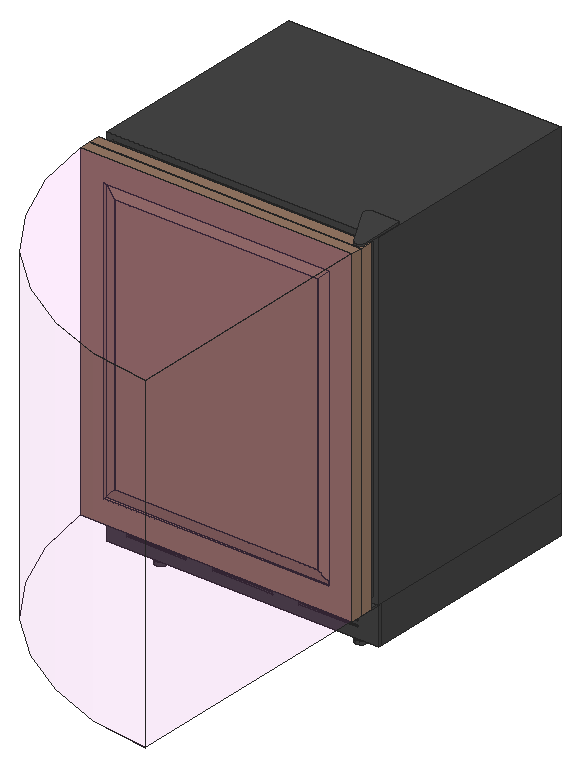
Revit family "QF_Summit_FF708BLSSRSIF_Refrigerator", category Specialty Equipment, Revit 2020
Family settings
  Round Connector Dimension = Use Diameter
  Part Type = Normal
  Work Plane-Based = No
  Always vertical = Yes
  Cut with Voids When Loaded = No
  Shared = No
  Room Calculation Point = No
Parameters
  Weight in Pounds = 100
  Watts = Volts * FL Amps  # 92 W
  Volts = 115 V
  URL Cutsheet = ""
  Standard Height [instance] = if(Show 33.5 Height, Show 34.5 Height, not(Show 34.5 Height))  # no
  Specification by User = ""
  Specification by Manufacturer = ""
  Show Removable Cover [instance] = no
  Show LHD [instance] = no
  Show 34.5 Height [instance] = no
  Show 33.5 Height [instance] = yes
  Right Hinged Door [instance] = not(Show LHD)  # yes
  Serial Number = ""
  Seismic Rating = ""
  SMACNA No = ""
  Revision Code = ""
  Refrigerant Volume = 0.00 kip
  Refrigerant Type = "R600a"
  Phase = 1
  Number of Poles = 1
  NAFEM Spec ID Number = ""
  Model = "FF708BLSSRSIF"
  Min Ckt Ampacity = 0 A
  Max Overcurrent Protection = 0 A
  Masterspec = ""
  Manufacturer = "Summit"
  Length = 23 5/8"
  Item Number = ""
  Installed By = ""
  Identify Quantity as Lot = yes
  Height [instance] = if(Standard Height, 33 1/4", if(Show 33.5 Height, 33 1/2", if(Show 34.5 Height, 34 1/2", 33 1/4")))  # 33 1/2"
  HP = ""
  Furnished By = ""
  Foodservice Equipment Identifier = yes
  FL Amps = 0.8 A
  Electrical Remarks = ""
  Electric Connection Type = ""
  Elec Conn RI Height = 0"
  Elec Conn Connection Height = 0"
  Description = "Refrigerator"
  Depth = 22 3/8"
  Default Elevation = 0"
  Cycle = 60 Hz
  Conn Plug = ""
  Conn Conduit = yes
  CSI MasterFormat = ""
  Base Height [instance] = if(Standard Height, 1 1/4", if(Show 33.5 Height, 1 1/2", if(Show 34.5 Height, 2 1/2", 1 1/4")))  # 1 1/2"
  BTUH = 0.0 Btu/h
  Apparent Power = if(Phase = 3, Volts * FL Amps * 1.73, Volts * FL Amps)  # 92 VA
Reference planes (in)
  plane 1 "BACK": y = 0
  plane 2: z = 0
  plane 3 "LEFT": x = 0
  plane 4 "RIGHT": x = 23.625
  plane 5 "FRONT": y = -22.375
  plane 6 "TOP": z = 33.5
  plane 7 "Center Y": x = 11.8125
  plane 8 "Center X": y = -11.1875
  plane 9: z = 33.375
  plane 10: y = -23.375
  plane 11: y = -45.875
  plane 12: y = -0.75
  plane 13: y = -20.5
  plane 14 "Base Height": z = 1.5
  plane 15: x = 17.46169
  plane 16: z = 4.75
Forms (in)
  Extrusion 1, solid, material "QF_Metallic_Paint_Black_Smooth"
    sketch origin (0, 0, 4.75) x (1, 0, 0) y (0, 1, 0)
      loop
        line (0, -0.75) -> (0, -20.5) -> (23.625, -20.5) -> (23.625, -0.75) -> (0, -0.75)
    from 0 to 28.625
  Extrusion 2, solid, material "QF_Wood_Mahogany"
    sketch origin (-4.07558, -180, 1.5) x (-1, 0, 0) y (0, -1, 0)
      loop
        line (-4.07558, -157.625) -> (-27.70058, -157.625) -> (-27.70058, -158.625) -> (-4.07558, -158.625) -> (-4.07558, -157.625)
    from 3.25 to 31.875
  Extrusion 3, solid, material "QF_Metallic_Paint_Black_Smooth"
    sketch origin (23.625, -20.5, 4.75) x (-1, 0, 0) y (0, 0, -1)
      loop
        line (0.5, -0.5) -> (0.5, -28.125) -> (23.125, -28.125) -> (23.125, -0.5) -> (0.5, -0.5)
    from 0 to 0.875
  Extrusion 4, solid, material "QF_Metallic_Paint_Black_Smooth", visible <- "Right Hinged Door"
    sketch origin (0, 0, 33.375) x (1, 0, 0) y (0, 1, 0)
      loop
        arc (23.49982, -18.2597) -> (23.42659, -18.08292) -> (23.24982, -18.0097) r 0.25
        line (23.24982, -18.0097) -> (21.13852, -18.0097)
        arc (21.13852, -18.0097) -> (20.78238, -18.21325) -> (20.77701, -18.62342) r 0.41333
        line (20.77701, -18.62342) -> (22.69374, -22.08129)
        arc (22.69374, -22.08129) -> (23.17748, -22.28912) -> (23.49982, -21.87283) r 0.42999
        line (23.49982, -21.87283) -> (23.49982, -18.2597)
    from 0 to 0.125
  Extrusion 5, solid, material "QF_Metallic_Paint_Black_Smooth", visible <- "Right Hinged Door"
    sketch origin (-4.07558, -180, 4.75) x (0, -1, 0) y (-1, 0, 0)
      loop
        line (-159.5, -27.5754) -> (-158.12717, -27.5754)
        arc (-158.12717, -27.5754) -> (-157.71088, -27.25307) -> (-157.91871, -26.76933) r 0.42999
        line (-157.91871, -26.76933) -> (-159.5, -25.8928) -> (-159.5, -27.5754)
    from 0 to 0.125
  Extrusion 6, solid, material "QF_Metallic_Paint_Black_Smooth"
    sketch origin (0, -20.25, 0) x (1, 0, 0) y (0, 0, 1)
      loop
        line (0, 4.75) -> (0, 1.5) -> (23.625, 1.5) -> (23.625, 4.75) -> (0, 4.75)
      loop
        line (1.70562, 4.11489) -> (1.70562, 3.86489) -> (6.95562, 3.86489) -> (6.95562, 4.11489) -> (1.70562, 4.11489)
      loop
        line (1.70562, 3.61489) -> (1.70562, 3.36489) -> (6.95562, 3.36489) -> (6.95562, 3.61489) -> (1.70562, 3.61489)
      loop
        line (1.70562, 3.11489) -> (1.70562, 2.86489) -> (6.95562, 2.86489) -> (6.95562, 3.11489) -> (1.70562, 3.11489)
      loop
        line (1.70562, 2.61489) -> (1.70562, 2.36489) -> (6.95562, 2.36489) -> (6.95562, 2.61489) -> (1.70562, 2.61489)
      loop
        line (9.1875, 4.11489) -> (9.1875, 3.86489) -> (14.4375, 3.86489) -> (14.4375, 4.11489) -> (9.1875, 4.11489)
      loop
        line (9.1875, 3.61489) -> (9.1875, 3.36489) -> (14.4375, 3.36489) -> (14.4375, 3.61489) -> (9.1875, 3.61489)
      loop
        line (9.1875, 3.11489) -> (9.1875, 2.86489) -> (14.4375, 2.86489) -> (14.4375, 3.11489) -> (9.1875, 3.11489)
      loop
        line (9.1875, 2.61489) -> (9.1875, 2.36489) -> (14.4375, 2.36489) -> (14.4375, 2.61489) -> (9.1875, 2.61489)
      loop
        line (21.91938, 4.11489) -> (16.66938, 4.11489) -> (16.66938, 3.86489) -> (21.91938, 3.86489) -> (21.91938, 4.11489)
      loop
        line (21.91938, 3.61489) -> (16.66938, 3.61489) -> (16.66938, 3.36489) -> (21.91938, 3.36489) -> (21.91938, 3.61489)
      loop
        line (21.91938, 3.11489) -> (16.66938, 3.11489) -> (16.66938, 2.86489) -> (21.91938, 2.86489) -> (21.91938, 3.11489)
      loop
        line (21.91938, 2.61489) -> (16.66938, 2.61489) -> (16.66938, 2.36489) -> (21.91938, 2.36489) -> (21.91938, 2.61489)
    from 0 to 0.25
  Extrusion 7, solid, material "QF_Metallic_Paint_Black_Smooth"
    sketch origin (0, 0, 0) x (1, 0, 0) y (0, 0, 1)
      loop
        line (0, 4.75) -> (0, 1.5) -> (23.625, 1.5) -> (23.625, 4.75) -> (0, 4.75)
    from 20.25 to 0.75
  Extrusion 8, solid, material "QF_Metal_Stainless_Polished"
    sketch origin (0, -0.75, 4.75) x (1, 0, 0) y (0, 0, -1)
      loop
        circle (17.46169, 2.27816) r 0.25
    from 0 to 0.25
  Extrusion 9, solid, material "QF_Metallic_Paint_Black_Smooth"
    sketch origin (-4.07558, -180, 1.5) x (-1, 0, 0) y (0, -1, 0)
      loop
        line (-13.38336, -180) -> (-13.38336, -179.25) -> (-18.39281, -179.25) -> (-18.39281, -180) -> (-13.38336, -180)
    from 15.625 to 21.625
  Extrusion 10, solid, material "QF_Clearances_Door_Drawer", visible <- "Right Hinged Door"
    sketch origin (-4.07558, -180, 4.75) x (0, -1, 0) y (-1, 0, 0)
      loop
        line (-156.625, -27.70058) -> (-134.125, -27.70058)
        arc (-134.125, -27.70058) -> (-140.92298, -11.64807) -> (-156.625, -4.07558) r 24.71492
        line (-156.625, -4.07558) -> (-156.625, -27.70058)
    from 0 to -28.625
  Extrusion 11, solid, material "QF_Wood_Mahogany"
    sketch origin (2, -23.375, 31.375) x (1, 0, 0) y (0, 0, 1)
      loop
        line (1, -1) -> (1, -23.625) -> (18.625, -23.625) -> (18.625, -1) -> (1, -1)
    from 0 to -1
  Extrusion 12, solid, material "QF_Metallic_Paint_Black_Smooth", visible <- "Show Removable Cover"
    sketch origin (-4.07558, -180, 1.5) x (-1, 0, 0) y (0, -1, 0)
      loop
        line (-4.07558, -179.25) -> (-4.07558, -159.5) -> (-27.70058, -159.5) -> (-27.70058, -179.25) -> (-4.07558, -179.25)
      loop
        line (-4.32558, -159.75) -> (-27.45058, -159.75) -> (-27.45058, -179) -> (-4.32558, -179) -> (-4.32558, -159.75)
    from 0 to -1.5
  Extrusion 13, solid, material "QF_Metallic_Paint_Black_Smooth"
    sketch origin (0, 0, 0) x (1, 0, 0) y (0, 1, 0)
      loop
        circle (3.1104, -18.5) r 0.5
      loop
        circle (3.1104, -2.75) r 0.5
      loop
        circle (20.5146, -18.5) r 0.5
      loop
        circle (20.5146, -2.75) r 0.5
    from 0 to 0.25
  Extrusion 14, solid, material "QF_Metallic_Paint_Black_Smooth"
    sketch origin (0, 0, 0.25) x (1, 0, 0) y (0, 1, 0)
      loop
        circle (3.1104, -18.5) r 0.25
      loop
        circle (3.1104, -2.75) r 0.25
      loop
        circle (20.5146, -18.5) r 0.25
      loop
        circle (20.5146, -2.75) r 0.25
    from 0 to 1.25
  Sweep 15, solid, material "QF_Wood_Mahogany"
    path in 3D
      loop
        line (23.625, -22.375, 33.375) -> (23.625, -22.375, 4.75) -> (0, -22.375, 4.75) -> (0, -22.375, 33.375) -> (23.625, -22.375, 33.375)
    profile origin (11.8125, -22.375, 33.375) x (0, 1, 0) y (0, 0, 1)
      loop
        line (0, 0) -> (-1, 0) -> (-1, -2) -> (-0.75, -2) -> (-1, -3) -> (0, -3) -> (0, 0)
  Extrusion 16, solid, material "QF_Metallic_Paint_Black_Smooth", visible <- "Show LHD"
    sketch origin (23.625, 0, 33.375) x (-1, 0, 0) y (0, -1, 0)
      loop
        line (23.49982, 18.2597) -> (23.49982, 21.87283)
        arc (23.49982, 21.87283) -> (23.17748, 22.28912) -> (22.69374, 22.08129) r 0.42999
        line (22.69374, 22.08129) -> (20.77701, 18.62342)
        arc (20.77701, 18.62342) -> (20.78238, 18.21325) -> (21.13852, 18.0097) r 0.41333
        line (21.13852, 18.0097) -> (23.24982, 18.0097)
        arc (23.24982, 18.0097) -> (23.42659, 18.08292) -> (23.49982, 18.2597) r 0.25
    from 0 to 0.125
  Extrusion 17, solid, material "QF_Metallic_Paint_Black_Smooth", visible <- "Show LHD"
    sketch origin (27.70058, -180, 4.75) x (0, 1, 0) y (1, 0, 0)
      loop
        line (159.5, -27.5754) -> (159.5, -25.8928) -> (157.91871, -26.76933)
        arc (157.91871, -26.76933) -> (157.71088, -27.25307) -> (158.12717, -27.5754) r 0.42999
        line (158.12717, -27.5754) -> (159.5, -27.5754)
    from 0 to 0.125
  Extrusion 18, solid, material "QF_Clearances_Door_Drawer", visible <- "Show LHD"
    sketch origin (27.70058, -180, 4.75) x (0, 1, 0) y (1, 0, 0)
      loop
        line (156.625, -27.70058) -> (156.625, -4.07558)
        arc (156.625, -4.07558) -> (140.92298, -11.64807) -> (134.125, -27.70058) r 24.71492
        line (134.125, -27.70058) -> (156.625, -27.70058)
    from 0 to -28.625
Cuts and joins
  joined: Extrusion 13, Extrusion 14
Lines and regions (in)
  symbolic lines
    curve 1: line (0, -23.375, 0) -> (23.625, -23.375, 0)
    curve 2: line (23.625, -22.375, 0) -> (0, -22.375, 0)
    curve 3: line (23.625, -21.375, 0) -> (23.49982, -21.375, 0)
    curve 4: line (0, -20.5, 0) -> (0.12518, -20.5, 0)
    curve 5: line (23.625, -0.75, 0) -> (0, -0.75, 0)
    curve 6: line (14.31722, 0, 0) -> (9.30778, 0, 0)
    curve 7: line (0, -0.75, 0) -> (0, -20.5, 0)
    curve 8: line (23.625, -20.5, 0) -> (23.625, -0.75, 0)
    curve 9: line (9.30778, 0, 0) -> (9.30778, -0.75, 0)
    curve 10: line (14.31722, -0.75, 0) -> (14.31722, 0, 0)
    curve 12: line (0, -21.375, 0) -> (0, -22.375, 0)
    curve 13: line (0, -22.375, 0) -> (0, -23.375, 0)
    curve 14: line (23.625, -23.375, 0) -> (23.625, -22.375, 0)
    curve 15: line (23.625, -22.375, 0) -> (23.625, -21.375, 0)
    curve 22: line (22.30224, -21.375, 0) -> (1.32276, -21.375, 0)
    curve 23: line (23.49982, -20.5, 0) -> (23.625, -20.5, 0)
    curve 38: line (1.80778, -20.5, 0) -> (21.81722, -20.5, 0)
    curve 41: line (0.12518, -21.375, 0) -> (0, -21.375, 0)
  symbolic lines, visible <- "Right Hinged Door"
    curve 11: line (0.5, -20.5, 0) -> (0.5, -21.375, 0)
    curve 16: line (23.24982, -18.0097, 0) -> (21.13852, -18.0097, 0)
    curve 17: arc (21.13852, -18.0097, 0) -> (20.78238, -18.21325, 0) -> (20.77701, -18.62342, 0) r 0.41333
    curve 18: line (20.77701, -18.62342, 0) -> (22.69374, -22.08129, 0)
    curve 19: arc (22.69374, -22.08129, 0) -> (23.17748, -22.28912, 0) -> (23.49982, -21.87283, 0) r 0.42999
    curve 20: line (23.49982, -21.87283, 0) -> (23.49982, -18.2597, 0)
    curve 21: arc (23.49982, -18.2597, 0) -> (23.42659, -18.08292, 0) -> (23.24982, -18.0097, 0) r 0.25
    curve 39: line (0.12518, -20.5, 0) -> (1.80778, -20.5, 0)
    curve 40: line (1.32276, -21.375, 0) -> (0.12518, -21.375, 0)
  symbolic lines, style "QF_Clearances_Door_Drawer", visible <- "Right Hinged Door"
    curve 24: line (23.625, -23.375, 0) -> (3.95051, -34.73407, 0)
    curve 25: arc (3.95051, -34.73407, 0) -> (1.27379, -29.2985, 0) -> (0, -23.375, 0) r 24.71492
  sketch lines
    curve 26: line (0, -22.375, 33.375) -> (23.625, -22.375, 33.375)
    curve 27: line (0, -22.375, 33.375) -> (0, -22.375, 4.75)
    curve 28: line (23.625, -22.375, 33.375) -> (23.625, -22.375, 4.75)
    curve 29: line (23.625, -22.375, 4.75) -> (0, -22.375, 4.75)
  symbolic lines, visible <- "Show LHD"
    curve 30: line (0.37518, -18.0097, 0) -> (2.48648, -18.0097, 0)
    curve 31: arc (2.48648, -18.0097, 0) -> (2.84262, -18.21325, 0) -> (2.84799, -18.62342, 0) r 0.41333
    curve 32: line (2.84799, -18.62342, 0) -> (0.93126, -22.08129, 0)
    curve 33: arc (0.93126, -22.08129, 0) -> (0.44752, -22.28912, 0) -> (0.12518, -21.87283, 0) r 0.42999
    curve 34: line (0.12518, -21.87283, 0) -> (0.12518, -18.2597, 0)
    curve 35: arc (0.12518, -18.2597, 0) -> (0.19841, -18.08292, 0) -> (0.37518, -18.0097, 0) r 0.25
    curve 42: line (23.125, -20.5, 0) -> (23.125, -21.375, 0)
    curve 43: line (23.49982, -20.5, 0) -> (21.81722, -20.5, 0)
    curve 44: line (22.30224, -21.375, 0) -> (23.49982, -21.375, 0)
  symbolic lines, style "QF_Clearances_Door_Drawer", visible <- "Show LHD"
    curve 36: line (0, -23.375, 0) -> (19.67449, -34.73407, 0)
    curve 37: arc (19.67449, -34.73407, 0) -> (22.35121, -29.2985, 0) -> (23.625, -23.375, 0) r 24.71492
Dimensions and locks (in)
  equal spacing: plane 3 "LEFT", plane 7 "Center Y", plane 4 "RIGHT"
  "Length": plane 3 "LEFT" to plane 4 "RIGHT"
  equal spacing: plane 5 "FRONT", plane 8 "Center X", plane 1 "BACK"
  "Depth": plane 5 "FRONT" to plane 1 "BACK"
  "Height": plane 6 "TOP" to level
  locked: plane 6 "TOP" to plane 9 at 0.125
  plane 1 "BACK" to plane 12 = 3/4"
  plane 12 to plane 13 = 19 3/4"
  plane 13 to plane 11 = 25 3/8"
  plane 12 to plane 11 = 45 1/8"
  "Base Height": plane 14 "Base Height" to plane 2
  locked: plane 16 to plane 14 "Base Height" at 3.25
  plane 9 to plane 14 "Base Height" = 31 7/8"
  aligned and locked: level to plane 2
  aligned and locked: Extrusion 12 to level
  aligned and locked: plane 9 to Extrusion 2
  aligned and locked: Extrusion 10 to Extrusion 2
  aligned and locked: plane 14 "Base Height" to cut or joined group of Extrusion 13, Extrusion 14
Automatic sketch dimensions
  plane 1 "BACK" to Extrusion 9 sketch curve = 0"
  Extrusion 9 sketch curve to plane 12 = 0"
  plane 7 "Center Y" to Extrusion 9 sketch curve = 2.50472"
  Extrusion 9 sketch curve to plane 7 "Center Y" = 2.50472"
  curve 12 to plane 3 "LEFT" = 0"
  curve 4 to plane 3 "LEFT" = 0"
  curve 39 to plane 13 = 0"
  curve 4 to plane 13 = 0"
  curve 38 to plane 13 = 0"
  plane 1 "BACK" to curve 9 = 0"
  curve 9 to plane 12 = 0"
  curve 43 to plane 13 = 0"
  curve 23 to plane 13 = 0"
  curve 37 to plane 4 "RIGHT" = 0"
  curve 23 to plane 4 "RIGHT" = 0"
  curve 13 to plane 10 = 0"
  plane 5 "FRONT" to curve 13 = 0"
  curve 37 to plane 3 "LEFT" = 0.99226"
  plane 3 "LEFT" to curve 40 = 0.12518"
  curve 34 to curve 35 = 1/4"
  curve 34 to curve 33 = 0.42999"
  curve 32 to plane 5 "FRONT" = 0.29371"
  curve 33 to curve 32 = 0.37608"
  curve 33 to curve 22 = 0.3915"
  curve 35 to curve 31 = 2.1113"
  curve 31 to curve 32 = 0.36151"
  plane 3 "LEFT" to curve 24 = 3.95051"
  curve 9 to plane 7 "Center Y" = 2.50472"
  plane 7 "Center Y" to curve 10 = 2.50472"
  curve 36 to plane 15 = 2.2128"
  plane 4 "RIGHT" to curve 18 = 2.84799"
  curve 17 to curve 16 = 0.36151"
  curve 18 to plane 5 "FRONT" = 0.29371"
  plane 4 "RIGHT" to curve 18 = 0.93126"
  curve 18 to curve 19 = 0.37608"
  plane 4 "RIGHT" to curve 21 = 0.37518"
  plane 4 "RIGHT" to curve 20 = 0.12518"
  curve 25 to plane 4 "RIGHT" = 0.99226"
  curve 36 to curve 1 = 11.35907"
  curve 24 to curve 1 = 11.35907"
  curve 34 to curve 40 = 0.49783"
  curve 19 to curve 15 = 0.49783"
  curve 22 to curve 40 = 0"
  curve 41 to curve 40 = 0"
  plane 13 to curve 18 = 1.87658"
  curve 17 to curve 17 = 0.20039"
  curve 31 to curve 31 = 0.20039"
  curve 4 to curve 11 = 0.37482"
  curve 44 to curve 22 = 0"
  curve 42 to curve 23 = 0.37482"
  Extrusion 1 sketch curve to Extrusion 7 = 0"  (x3)
  Extrusion 1 sketch curve to Extrusion 7 = 1/4"
  Extrusion 2 sketch curve to plane 4 "RIGHT" = 0"
  Extrusion 2 sketch curve to plane 3 "LEFT" = 0"
  plane 5 "FRONT" to Extrusion 2 sketch curve = 0"
  Extrusion 2 sketch curve to plane 13 = 7/8"
  Extrusion 3 sketch curve to Extrusion 1 = 1/2"
  Extrusion 1 to Extrusion 3 sketch curve = 1/2"  (x3)
  Extrusion 4 sketch curve to Extrusion 1 = 1.87658"
  Extrusion 4 sketch curve to Extrusion 1 = 2.84799"
  Extrusion 4 sketch curve to Extrusion 4 sketch curve = 0.36151"
  Extrusion 4 sketch curve to Extrusion 1 = 0.93126"
  Extrusion 4 sketch curve to Extrusion 4 sketch curve = 0.37608"
  Extrusion 4 sketch curve to Extrusion 1 = 0.37518"
  Extrusion 4 sketch curve to Extrusion 1 = 0.12518"
  Extrusion 1 to Extrusion 4 sketch curve = 1.37283"
  Extrusion 4 sketch curve to Extrusion 4 sketch curve = 0.20039"
  Extrusion 2 to Extrusion 5 sketch curve = 0.12518"
  Extrusion 5 sketch curve to Extrusion 2 = 7/8"
  Extrusion 2 to Extrusion 5 sketch curve = 0.49783"
  Extrusion 2 to Extrusion 5 sketch curve = 0.29371"
  Extrusion 5 sketch curve to Extrusion 5 sketch curve = 0.42999"
  Extrusion 5 sketch curve to Extrusion 5 sketch curve = 1.6826"
  Extrusion 7 to Extrusion 6 sketch curve = 0"
  Extrusion 6 sketch curve to Extrusion 7 = 0"  (x3)
  Extrusion 6 sketch curve to Extrusion 7 = 1.70562"  (x2)
  Extrusion 6 sketch curve to Extrusion 7 = 0.63511"
  Extrusion 6 sketch curve to Extrusion 6 sketch curve = 0"  (x18)
  Extrusion 6 sketch curve to Extrusion 7 = 1.38511"  (x2)
  Extrusion 6 sketch curve to Extrusion 6 sketch curve = 5 1/4"  (x2)
  Extrusion 6 sketch curve to Extrusion 6 sketch curve = 2.23188"  (x2)
  Extrusion 6 sketch curve to Extrusion 7 = 0.86489"  (x3)
  Extrusion 6 sketch curve to Extrusion 6 sketch curve = 1/4"  (x18)
  Extrusion 7 sketch curve to plane 3 "LEFT" = 0"
  plane 4 "RIGHT" to Extrusion 7 sketch curve = 0"
  Extrusion 7 sketch curve to plane 14 "Base Height" = 0"
  Extrusion 7 sketch curve to plane 16 = 0"
  Extrusion 8 sketch curve to Extrusion 1 = 2.27816"
  Extrusion 8 sketch curve to Extrusion 1 = 6.16331"
  Extrusion 10 sketch curve to Extrusion 2 = 0"  (x2)
  Extrusion 10 sketch curve to Extrusion 2 = 0.19499"
  Extrusion 10 sketch curve to Extrusion 2 = 1"
  Extrusion 10 sketch curve to Extrusion 10 sketch curve = 22 1/2"
  Extrusion 11 sketch curve to Sweep 15 = 1"  (x4)
  Extrusion 12 sketch curve to plane 4 "RIGHT" = 0"
  Extrusion 12 sketch curve to plane 3 "LEFT" = 0"
  Extrusion 12 sketch curve to plane 12 = 0"
  Extrusion 12 sketch curve to plane 13 = 0"
  plane 4 "RIGHT" to Extrusion 12 sketch curve = 1/4"
  plane 3 "LEFT" to Extrusion 12 sketch curve = 1/4"
  Extrusion 12 sketch curve to plane 12 = 1/4"
  plane 13 to Extrusion 12 sketch curve = 1/4"
  plane 3 "LEFT" to Extrusion 13 sketch curve = 3.1104"  (x2)
  Extrusion 13 sketch curve to plane 15 = 3.05291"  (x2)
  plane 13 to Extrusion 13 sketch curve = 2"  (x2)
  Extrusion 13 sketch curve to plane 12 = 2"  (x2)
  Sweep 15 sketch curve to profile plane = 0"  (x2)
  profile plane to Sweep 15 sketch curve = 3/4"
  profile plane to Sweep 15 sketch curve = 1"
  Sweep 15 sketch curve to Sweep 15 sketch curve = 1/4"
  Sweep 15 sketch curve to profile plane = 2"
  Sweep 15 sketch curve to Sweep 15 sketch curve = 1"
  Extrusion 16 sketch curve to Extrusion 1 = 1.87658"
  Extrusion 16 sketch curve to Extrusion 1 = 2.84799"
  Extrusion 16 sketch curve to Extrusion 16 sketch curve = 0.36151"
  Extrusion 16 sketch curve to Extrusion 1 = 0.93126"
  Extrusion 16 sketch curve to Extrusion 16 sketch curve = 0.37608"
  Extrusion 16 sketch curve to Extrusion 1 = 0.37518"
  Extrusion 16 sketch curve to Extrusion 1 = 0.12518"
  Extrusion 16 sketch curve to Extrusion 16 sketch curve = 0.20039"
  Extrusion 1 to Extrusion 16 sketch curve = 1.37283"
  Extrusion 2 to Extrusion 17 sketch curve = 0.29371"
  Extrusion 2 to Extrusion 17 sketch curve = 0.12518"
  Extrusion 2 to Extrusion 17 sketch curve = 0.49783"
  Extrusion 17 sketch curve to Extrusion 2 = 7/8"
  Extrusion 17 sketch curve to Extrusion 17 sketch curve = 0.42999"
  Extrusion 17 sketch curve to Extrusion 17 sketch curve = 1.6826"
  Extrusion 18 sketch curve to Extrusion 2 = 0"  (x2)
  Extrusion 18 sketch curve to Extrusion 2 = 23 1/2"
  Extrusion 18 sketch curve to Extrusion 2 = 1"
  Extrusion 18 sketch curve to Extrusion 2 = 0.19499"
  radius of Extrusion 8 sketch curve = 1/4"
  radius of Extrusion 13 sketch curve = 1/2"  (x4)
  radius of Extrusion 14 sketch curve to Extrusion 13 = 1/4"  (x4)
Connectors (in)
  electrical at (17.46169, -0.5, 2.47184), driven by "Volts", driven by "Watts"
    settings: on Extrusion 8, index 2, voltage 115 V, apparent load 92 VA, apparent load phase1 0 VA, apparent load phase2 0 VA, apparent load phase3 0 VA, power factor 1, load classification "Other", number of poles 1, system type 30, power factor state 1, is connector primary yes, connector utility no, sub classification motor no, connector description ""
